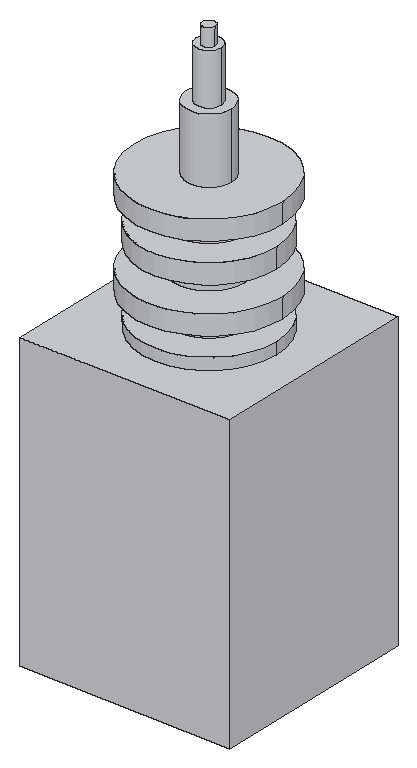
Revit family "GIS_Transformer_BushingHV", category Modelos genéricos, Revit 2027
Family settings
  Pode hospedar o vergalhão = Não
  Cota do conector redondo = Utilizar diâmetro
  Tipo de parte = Normal
  Com base no plano de trabalho = Não
  Sempre na vertical = Sim
  Corte com vazios quando carregada = Não
  Manter orientação da anotação = Não
  Compartilhado = Não
  Ponto de cálculo do ambiente = Não
Parameters (values of type "TR_BUSHING_HV_STUDY")
  Elevação padrão = 0 mm
  BIM_TensaoSecundaria_kV = 0
  BIM_TensaoNominal_kV = 138
  BIM_TensaoClasse_kV = 145
  BIM_TensaoClasseSecundaria_kV = 0
  BIM_Sistema_Elemento [instance] = ""
  BIM_ReferenciaCatalogo = "Portfolio estimate; bushing datasheet pending"
  BIM_Profundidade = 500 mm
  BIM_Potencia_MVA = 0
  BIM_Localizacao [instance] = ""
  BIM_Largura = 500 mm
  BIM_Impedancia_pu = 0
  BIM_FonteGeometria = "Portfolio estimate; bushing datasheet pending"
  BIM_Fabricante = "NAO SELECIONADO"
  BIM_EstadoGeometria = "ESTIMATED"
  BIM_EstadoEspecificacao = "PREMISSA / NAO SELECIONADO"
  BIM_DescricaoEstudo = "Bucha de alta tensao conceitual; classe de isolamento e terminais pendentes."
  BIM_CorrenteReferenciaSecundaria_A = 0
  BIM_CorrenteNominal_A = 0
  BIM_Bay [instance] = ""
  BIM_AlturaCorpoPrincipal = 702 mm
  BIM_Altura = 1350 mm
Reference planes
  plane 1 "Centro (Frente/Trás)": y = 0
  plane 2: z = 0
  plane 3 "Centro (Esquerda/Direita)": x = 0
  plane 4 "BIM Left": x = -250
  plane 5 "BIM Right": x = 250
  plane 6 "BIM Front": y = -250
  plane 7 "BIM Back": y = 250
Forms (mm)
  Extrusion 1, solid
    sketch origin (0, 0, 0) x (1, 0, 0) y (0, 1, 0)
      loop
        line (-250, -250) -> (250, -250) -> (250, 250) -> (-250, 250) -> (-250, -250)
    from 0 to 702 <- "BIM_AlturaCorpoPrincipal"
  Extrusion 2, solid
    sketch origin (0, 0, 135) x (1, 0, 0) y (0, 1, 0)
      loop
        line (-165, -165) -> (165, -165) -> (165, 165) -> (-165, 165) -> (-165, -165)
    from 0 to 162
  Extrusion 3, solid
    sketch origin (0, 0, 256.5) x (1, 0, 0) y (0, 1, 0)
      loop
        circle (0, 0) r 142.5
    from 0 to 216
  Extrusion 4, solid
    sketch origin (0, 0, 378) x (1, 0, 0) y (0, 1, 0)
      loop
        circle (0, 0) r 177
    from 0 to 47.25
  Extrusion 5, solid
    sketch origin (0, 0, 479.25) x (1, 0, 0) y (0, 1, 0)
      loop
        circle (0, 0) r 162
    from 0 to 47.25
  Extrusion 6, solid
    sketch origin (0, 0, 580.5) x (1, 0, 0) y (0, 1, 0)
      loop
        circle (0, 0) r 177
    from 0 to 47.25
  Extrusion 7, solid
    sketch origin (0, 0, 681.75) x (1, 0, 0) y (0, 1, 0)
      loop
        circle (0, 0) r 162
    from 0 to 47.25
  Extrusion 8, solid
    sketch origin (0, 0, 783) x (1, 0, 0) y (0, 1, 0)
      loop
        circle (0, 0) r 177
    from 0 to 47.25
  Extrusion 9, solid
    sketch origin (0, 0, 884.25) x (1, 0, 0) y (0, 1, 0)
      loop
        circle (0, 0) r 162
    from 0 to 47.25
  Extrusion 10, solid
    sketch origin (0, 0, 985.5) x (1, 0, 0) y (0, 1, 0)
      loop
        circle (0, 0) r 177
    from 0 to 47.25
  Extrusion 11, solid
    sketch origin (0, 0, 418.5) x (1, 0, 0) y (0, 1, 0)
      loop
        circle (0, 0) r 87
    from 0 to 607.5
  Extrusion 12, solid
    sketch origin (0, 0, 1026) x (1, 0, 0) y (0, 1, 0)
      loop
        circle (0, 0) r 54
    from 0 to 162
  Extrusion 13, solid
    sketch origin (0, 0, 1188) x (1, 0, 0) y (0, 1, 0)
      loop
        circle (0, 0) r 30
    from 0 to 121.5
  Extrusion 14, solid
    sketch origin (0, 0, 1309.5) x (1, 0, 0) y (0, 1, 0)
      loop
        circle (0, 0) r 15
    from 0 to 40.5
Dimensions and locks
  "BIM_Largura": plane 4 "BIM Left" to plane 5 "BIM Right"
  "BIM_Profundidade": plane 6 "BIM Front" to plane 7 "BIM Back"
  aligned and locked: level to plane 2
  aligned and locked: plane 4 "BIM Left" to Extrusion 1
  aligned and locked: Extrusion 1 to plane 5 "BIM Right"
  aligned and locked: Extrusion 1 to plane 6 "BIM Front"
  aligned and locked: plane 7 "BIM Back" to Extrusion 1
Automatic sketch dimensions
  Extrusion 1 sketch curve to plane 4 "BIM Left" = 0 mm
  Extrusion 1 sketch curve to plane 5 "BIM Right" = 0 mm
  Extrusion 1 sketch curve to plane 6 "BIM Front" = 0 mm
  Extrusion 1 sketch curve to plane 7 "BIM Back" = 0 mm
  Extrusion 2 sketch curve to plane 4 "BIM Left" = 85 mm
  plane 5 "BIM Right" to Extrusion 2 sketch curve = 85 mm
  plane 6 "BIM Front" to Extrusion 2 sketch curve = 85 mm
  Extrusion 2 sketch curve to plane 7 "BIM Back" = 85 mm
  Extrusion 3 sketch curve to Extrusion 3 sketch curve = 0 mm  (x2)
  plane 1 "Centro (Frente/Trás)" to Extrusion 3 sketch curve = 0 mm
  Extrusion 3 sketch curve to plane 3 "Centro (Esquerda/Direita)" = 0 mm
  Extrusion 3 sketch curve to plane 4 "BIM Left" = 107.5 mm
  Extrusion 4 sketch curve to Extrusion 4 sketch curve = 0 mm  (x2)
  plane 1 "Centro (Frente/Trás)" to Extrusion 4 sketch curve = 0 mm
  Extrusion 4 sketch curve to plane 3 "Centro (Esquerda/Direita)" = 0 mm
  Extrusion 4 sketch curve to plane 4 "BIM Left" = 73 mm
  Extrusion 5 sketch curve to Extrusion 5 sketch curve = 0 mm  (x2)
  plane 1 "Centro (Frente/Trás)" to Extrusion 5 sketch curve = 0 mm
  Extrusion 5 sketch curve to plane 3 "Centro (Esquerda/Direita)" = 0 mm
  Extrusion 5 sketch curve to plane 4 "BIM Left" = 88 mm
  Extrusion 6 sketch curve to Extrusion 6 sketch curve = 0 mm  (x2)
  plane 1 "Centro (Frente/Trás)" to Extrusion 6 sketch curve = 0 mm
  Extrusion 6 sketch curve to plane 3 "Centro (Esquerda/Direita)" = 0 mm
  Extrusion 6 sketch curve to plane 4 "BIM Left" = 73 mm
  Extrusion 7 sketch curve to Extrusion 7 sketch curve = 0 mm  (x2)
  plane 1 "Centro (Frente/Trás)" to Extrusion 7 sketch curve = 0 mm
  Extrusion 7 sketch curve to plane 3 "Centro (Esquerda/Direita)" = 0 mm
  Extrusion 7 sketch curve to plane 4 "BIM Left" = 88 mm
  Extrusion 8 sketch curve to Extrusion 8 sketch curve = 0 mm  (x2)
  plane 1 "Centro (Frente/Trás)" to Extrusion 8 sketch curve = 0 mm
  Extrusion 8 sketch curve to plane 3 "Centro (Esquerda/Direita)" = 0 mm
  Extrusion 8 sketch curve to plane 4 "BIM Left" = 73 mm
  Extrusion 9 sketch curve to Extrusion 9 sketch curve = 0 mm  (x2)
  plane 1 "Centro (Frente/Trás)" to Extrusion 9 sketch curve = 0 mm
  Extrusion 9 sketch curve to plane 3 "Centro (Esquerda/Direita)" = 0 mm
  Extrusion 9 sketch curve to plane 4 "BIM Left" = 88 mm
  Extrusion 10 sketch curve to Extrusion 10 sketch curve = 0 mm  (x2)
  plane 1 "Centro (Frente/Trás)" to Extrusion 10 sketch curve = 0 mm
  Extrusion 10 sketch curve to plane 3 "Centro (Esquerda/Direita)" = 0 mm
  Extrusion 10 sketch curve to plane 4 "BIM Left" = 73 mm
  Extrusion 11 sketch curve to Extrusion 11 sketch curve = 0 mm  (x2)
  plane 1 "Centro (Frente/Trás)" to Extrusion 11 sketch curve = 0 mm
  Extrusion 11 sketch curve to plane 3 "Centro (Esquerda/Direita)" = 0 mm
  Extrusion 11 sketch curve to plane 3 "Centro (Esquerda/Direita)" = 87 mm
  Extrusion 12 sketch curve to Extrusion 12 sketch curve = 0 mm  (x2)
  plane 1 "Centro (Frente/Trás)" to Extrusion 12 sketch curve = 0 mm
  Extrusion 12 sketch curve to plane 3 "Centro (Esquerda/Direita)" = 0 mm
  Extrusion 12 sketch curve to plane 3 "Centro (Esquerda/Direita)" = 54 mm
  Extrusion 13 sketch curve to Extrusion 13 sketch curve = 0 mm  (x2)
  plane 1 "Centro (Frente/Trás)" to Extrusion 13 sketch curve = 0 mm
  Extrusion 13 sketch curve to plane 3 "Centro (Esquerda/Direita)" = 0 mm
  Extrusion 13 sketch curve to plane 3 "Centro (Esquerda/Direita)" = 30 mm
  Extrusion 14 sketch curve to Extrusion 14 sketch curve = 0 mm  (x2)
  plane 1 "Centro (Frente/Trás)" to Extrusion 14 sketch curve = 0 mm
  Extrusion 14 sketch curve to plane 3 "Centro (Esquerda/Direita)" = 0 mm
  Extrusion 14 sketch curve to plane 3 "Centro (Esquerda/Direita)" = 15 mm
